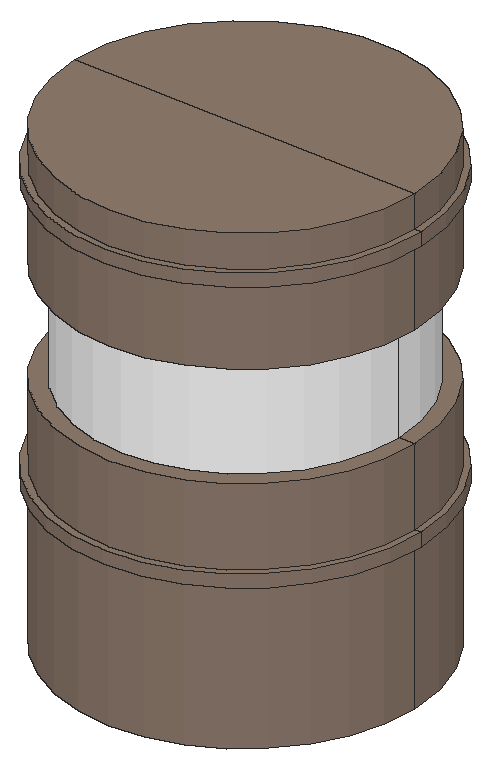
Revit family "BL7011", category Generic Models, Revit 2014
Parameters
  TOP CAP = Bronze, Architectural
  LENS = Acrylic
  BODY = Bronze, Architectural
Reference planes (in)
  plane 1 "Center (Front/Back)": y = 0
  plane 2: z = 0
  plane 3 "Center (Left/Right)": x = 0
Forms (in)
  Revolve 1, solid, material "Bronze, Architectural" <- "TOP CAP"
    sketch origin (0, 0, 0) x (1, 0, 0) y (0, 0, 1)
      loop
        line (-3.3125, 9.00008) -> (-3.3125, 8.37508) -> (-3.4375, 8.37508) -> (-3.4375, 8.12508) -> (-3.3125, 8.12508) -> (-3.3125, 6.62508) -> (0, 6.62508) -> (0, 9.00008) -> (-3.3125, 9.00008)
      axis (0, 6.62508) -> (0, 9.00008)
    angle from 0 to 360
  Revolve 2, solid, material "Bronze, Architectural" <- "BODY"
    sketch origin (0, 0, 0) x (1, 0, 0) y (0, 0, 1)
      loop
        line (-3.3125, 4.62508) -> (-3.3125, 3.12508) -> (-3.4375, 3.12508) -> (-3.4375, 2.87508) -> (-3.3125, 2.87508) -> (-3.3125, 0) -> (0, 0) -> (0, 4.62508) -> (-3.3125, 4.62508)
      axis (0, 4.62508) -> (0, 0)
    angle from 0 to 360
  Revolve 3, solid, material "Acrylic" <- "LENS"
    sketch origin (0, 0, 0) x (1, 0, 0) y (0, 0, 1)
      loop
        line (0, 4.62508) -> (0, 6.62508) -> (-3, 6.62508) -> (-3, 4.62508) -> (0, 4.62508)
      axis (0, 6.62508) -> (0, 4.62508)
    angle from 0 to 360
Dimensions and locks (in)
  aligned and locked: plane 2 to level
